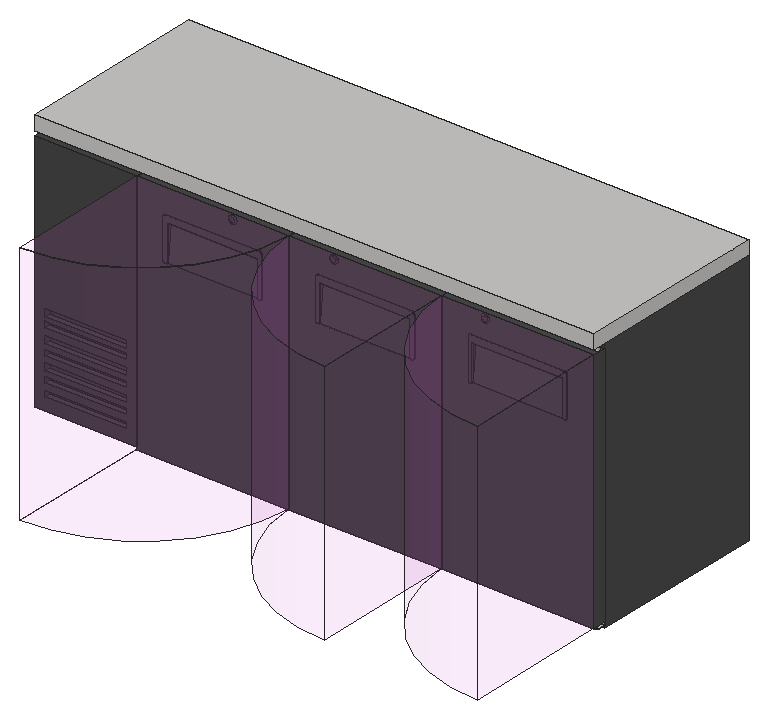
Revit family "QF_True_TBB24-72-3S-Z1-SFT-B-1_Solid_Swing_Door_Back_Bar", category Specialty Equipment, Revit 2021 (continued)
Definition of nested family "Family3"
  Definition of nested family "5 INCHES 01_CASTER 2"
    Reference planes (in)
      plane 2 "RIGHT": x = 0
      plane 3 "FRONT": y = 0
      plane 4 "TOP": z = 5
    Forms (in)
      Revolve 1, solid, visible <- "Show 5" Casters"
        sketch origin (-1.93794, 0.99859, -1.0041) x (1, 0, 0) y (0, 0, 1)
          loop
            line (0.74055, 3.0041) -> (0.74055, 2.9286) -> (0.79055, 2.8786) -> (0.85055, 2.8786) -> (0.85055, 2.75852) -> (1.235, 2.75852) -> (1.235, 2.56618) -> (1.37557, 2.48502) -> (1.49133, 1.76972) -> (1.34375, 1.76972) -> (1.34375, 1.53535) -> (1.375, 1.53535) -> (1.375, 1.0041) -> (2.48438, 1.0041) -> (2.48438, 1.53535) -> (2.51563, 1.53535) -> (2.51563, 1.76972) -> (2.36805, 1.76972) -> (2.48438, 2.48853) -> (2.62438, 2.56936) -> (2.62438, 2.75852) -> (3.04007, 2.75852) -> (3.04007, 2.8786) -> (3.10007, 2.8786) -> (3.15007, 2.9286) -> (3.15007, 3.0041) -> (0.74055, 3.0041)
          axis (0.74055, 3.0041) -> (3.15007, 3.0041)
        angle from 0 to 360
      Extrusion 2, solid, visible <- "Show 5" Casters"
        sketch origin (-1.93794, 1.96337, -0.7541) x (0, 1, 0) y (0, 0, 1)
          loop
            line (-3.37739, 5.33423) -> (-3.37739, 4.92712) -> (-2.49294, 4.92712)
            arc (-2.49294, 4.92712) -> (-1.47209, 4.91752) -> (-0.46376, 4.75787) r 6.92153
            arc (-0.46376, 4.75787) -> (0.14199, 4.53396) -> (0.67481, 4.16904) r 2.62713
            line (0.67481, 4.16904) -> (0.7876, 4.33012)
            arc (0.7876, 4.33012) -> (0.48098, 4.5674) -> (0.13288, 4.73811) r 1.91675
            line (0.13288, 4.73811) -> (0.21197, 4.87494)
            arc (0.21197, 4.87494) -> (-0.1576, 5.02102) -> (-0.54934, 5.08775) r 1.91675
            line (-0.54934, 5.08775) -> (-0.54934, 5.33423) -> (-3.37739, 5.33423)
        from 1.17357 to 2.70231
      Revolve 3, solid, visible <- "Show 5" Casters"
        sketch origin (0, 2.15543, -1.25) x (0, 1, 0) y (0, 0, 1)
          loop
            line (-2.21793, 6.25) -> (-2.21793, 5.83014) -> (-1.05793, 5.83014) -> (-1.05793, 6.25) -> (-2.21793, 6.25)
          axis (-2.21793, 5.83014) -> (-2.21793, 6.25)
        angle from 0 to 360
      Extrusion 4, solid, visible <- "Show 5" Casters"
        sketch origin (-1.98481, 1.96337, -0.7541) x (0, 1, 0) y (0, 0, 1)
          loop
            line (-3.37739, 5.33423) -> (-3.37739, 4.92712) -> (-3.13361, 4.92712)
            arc (-3.13361, 4.92712) -> (-2.12623, 3.92533) -> (-1.55834, 2.62307) r 3.79122
            arc (-1.55834, 2.62307) -> (-0.81477, 2.14247) -> (-0.31772, 2.87515) r 0.63314
            arc (-0.31772, 2.87515) -> (-0.02244, 3.67728) -> (0.68637, 4.15498) r 1.39003
            line (0.68637, 4.15498) -> (0.7876, 4.33012)
            arc (0.7876, 4.33012) -> (0.48098, 4.5674) -> (0.13288, 4.73811) r 1.91675
            line (0.13288, 4.73811) -> (0.21197, 4.87494)
            arc (0.21197, 4.87494) -> (-0.1576, 5.02102) -> (-0.54934, 5.08775) r 1.91675
            line (-0.54934, 5.08775) -> (-0.54934, 5.33423) -> (-3.37739, 5.33423)
        from 2.74918 to 2.90825
      Extrusion 5, solid, visible <- "Show 5" Casters"
        sketch origin (1.98481, 1.96337, -0.7541) x (0, 1, 0) y (0, 0, -1)
          loop
            line (-3.37739, -5.33423) -> (-0.54934, -5.33423) -> (-0.54934, -5.08775)
            arc (-0.54934, -5.08775) -> (-0.1576, -5.02102) -> (0.21197, -4.87494) r 1.91675
            line (0.21197, -4.87494) -> (0.13288, -4.73811)
            arc (0.13288, -4.73811) -> (0.48098, -4.5674) -> (0.7876, -4.33012) r 1.91675
            line (0.7876, -4.33012) -> (0.68637, -4.15498)
            arc (0.68637, -4.15498) -> (-0.02244, -3.67728) -> (-0.31772, -2.87515) r 1.39003
            arc (-0.31772, -2.87515) -> (-0.81477, -2.14247) -> (-1.55834, -2.62307) r 0.63314
            arc (-1.55834, -2.62307) -> (-2.12623, -3.92533) -> (-3.13361, -4.92712) r 3.79122
            line (-3.13361, -4.92712) -> (-3.37739, -4.92712) -> (-3.37739, -5.33423)
        from 2.74918 to 2.90825
      Extrusion 6, solid, visible <- "Key Locks"
        sketch origin (-0.96875, 2.04726, -0.57589) x (0, 1, 0) y (0, 0, -1)
          loop
            line (-2.58496, -2.03961) -> (-1.89213, -2.43961) -> (-1.53273, -2.64711)
            arc (-1.53273, -2.64711) -> (-1.45411, -2.76529) -> (-1.38688, -2.89031) r 1.51617
            arc (-1.38688, -2.89031) -> (-1.13602, -3.13035) -> (-0.79652, -3.20306) r 0.63657
            arc (-0.79652, -3.20306) -> (-0.67098, -3.20163) -> (-0.54633, -3.21661) r 0.9589
            line (-0.54633, -3.21661) -> (0.23309, -3.66661) -> (0.42979, -3.32592)
            arc (0.42979, -3.32592) -> (0.46473, -3.10362) -> (0.3415, -2.91533) r 0.313
            line (0.3415, -2.91533) -> (0.21087, -3.04595)
            arc (0.21087, -3.04595) -> (0.24081, -3.14321) -> (0.14284, -3.17074) r 0.07109
            line (0.14284, -3.17074) -> (-0.52795, -2.78336)
            arc (-0.52795, -2.78336) -> (-0.62217, -2.51108) -> (-0.36609, -2.37904) r 0.22
            arc (-0.36609, -2.37904) -> (-0.3435, -2.357) -> (-0.33862, -2.32583) r 0.05
            arc (-0.33862, -2.32583) -> (-0.50047, -2.10967) -> (-0.75504, -2.01961) r 0.46592
            line (-0.75504, -2.01961) -> (-1.49574, -2.01961)
            arc (-1.49574, -2.01961) -> (-1.57675, -2.00894) -> (-1.65224, -1.97767) r 0.313
            line (-1.65224, -1.97767) -> (-2.05389, -1.74578)
            arc (-2.05389, -1.74578) -> (-2.2914, -1.71451) -> (-2.48146, -1.86034) r 0.313
            line (-2.48146, -1.86034) -> (-2.58496, -2.03961)
        from 0 to 0.0625
      Extrusion 7, solid, visible <- "Key Locks"
        sketch origin (-0.96875, 2.04726, -0.57589) x (0, 1, 0) y (0, 0, -1)
          loop
            line (-0.45692, -2.6604) -> (0.47061, -3.19578)
            arc (0.47061, -3.19578) -> (0.44304, -3.03852) -> (0.3415, -2.91533) r 0.313
            line (0.3415, -2.91533) -> (-0.36656, -2.53415)
            arc (-0.36656, -2.53415) -> (-0.48136, -2.54745) -> (-0.45692, -2.6604) r 0.078
        from 0 to 0.5
      Extrusion 8, solid, visible <- "Key Locks"
        sketch origin (0.96875, 2.04726, -0.57589) x (0, 1, 0) y (0, 0, 1)
          loop
            line (-2.58496, 2.03961) -> (-2.48146, 1.86034)
            arc (-2.48146, 1.86034) -> (-2.2914, 1.71451) -> (-2.05389, 1.74578) r 0.313
            line (-2.05389, 1.74578) -> (-1.65224, 1.97767)
            arc (-1.65224, 1.97767) -> (-1.57675, 2.00894) -> (-1.49574, 2.01961) r 0.313
            line (-1.49574, 2.01961) -> (-0.75504, 2.01961)
            arc (-0.75504, 2.01961) -> (-0.50047, 2.10967) -> (-0.33862, 2.32583) r 0.46592
            arc (-0.33862, 2.32583) -> (-0.3435, 2.357) -> (-0.36609, 2.37904) r 0.05
            arc (-0.36609, 2.37904) -> (-0.62217, 2.51108) -> (-0.52795, 2.78336) r 0.22
            line (-0.52795, 2.78336) -> (0.14284, 3.17074)
            arc (0.14284, 3.17074) -> (0.24081, 3.14321) -> (0.21087, 3.04595) r 0.07109
            line (0.21087, 3.04595) -> (0.3415, 2.91533)
            arc (0.3415, 2.91533) -> (0.46473, 3.10362) -> (0.42979, 3.32592) r 0.313
            line (0.42979, 3.32592) -> (0.23309, 3.66661) -> (-0.54633, 3.21661)
            arc (-0.54633, 3.21661) -> (-0.67098, 3.20163) -> (-0.79652, 3.20306) r 0.9589
            arc (-0.79652, 3.20306) -> (-1.13602, 3.13035) -> (-1.38688, 2.89031) r 0.63657
            arc (-1.38688, 2.89031) -> (-1.45411, 2.76529) -> (-1.53273, 2.64711) r 1.51617
            line (-1.53273, 2.64711) -> (-1.89213, 2.43961) -> (-2.58496, 2.03961)
        from 0 to 0.0625
      Extrusion 9, solid, visible <- "Key Locks"
        sketch origin (0.96875, 2.04726, -0.57589) x (0, 1, 0) y (0, 0, 1)
          loop
            arc (-0.45692, 2.6604) -> (-0.48136, 2.54745) -> (-0.36656, 2.53415) r 0.078
            line (-0.36656, 2.53415) -> (0.3415, 2.91533)
            arc (0.3415, 2.91533) -> (0.44304, 3.03852) -> (0.47061, 3.19578) r 0.313
            line (0.47061, 3.19578) -> (-0.45692, 2.6604)
        from 0 to 0.5
    Cuts and joins
      joined: Extrusion 2, Extrusion 4, Extrusion 5
    Lines and regions (in)
      symbolic lines, visible <- "Show 5" Casters"
        curve 1: line (0.54262, 2.21348, 0) -> (1.50337, 1.65879, 0)
        curve 2: line (-1.45738, -1.25062, 0) -> (-0.70738, 0.04842, 0)
        curve 3: line (-0.49663, -1.80531, 0) -> (-1.45738, -1.25062, 0)
        curve 4: line (1.50337, 1.65879, 0) -> (0.75337, 0.35975, 0)
        curve 5: line (-0.20738, 0.91444, 0) -> (0.54262, 2.21348, 0)
        curve 6: line (0.25337, -0.50627, 0) -> (-0.49663, -1.80531, 0)
    Dimensions and locks (in)
      plane 4 "TOP" to level = 5"  (x2)
      aligned and locked: level to plane 1
  Definition of nested family "6 INCHES LEGS"
    Parameters (values of type "6 INCHES LEGS")
      Weight = ""
      URL Manufacturer = ""
      URL Cutsheet = ""
      URL = ""
      Type Mark [instance] = ""
      Status [instance] = ""
      Specification by User [instance] = ""
      Specification by Manufacturer = ""
      Show 6" Legs [instance] = yes
      Show Seismic Flanged [instance] = yes
      Serial Number = ""
      Seismic Rating = ""
      SMACNA No = ""
      Revision Code [instance] = ""
      Omniclass Number and Title = ""
      NAFEM Spec ID Number = ""
      Model = ""
      MasterSpec. = ""
      Manufacturer = ""
      Item Number [instance] = ""
      Installed By [instance] = ""
      Identify Quantity as Lot [instance] = yes
      Furnished By [instance] = ""
      Foodservice Equipment Identifier [instance] = yes
      Description = ""
      Default Elevation = 0"
      CSI MasterFormat = ""
      CSI Master Format = ""
      Assembly Code = ""
    Reference planes (in)
      plane 1: z = 0
      plane 2 "RIGHT": x = 0
      plane 3 "FRONT": y = 0
      plane 4 "TOP": z = 6
    Forms (in)
      Revolve 1, solid, visible <- "Show 6" Legs"
        sketch origin (11.12172, 0, 0) x (-1, 0, 0) y (0, 0, -1)
          loop
            line (11.12172, -6) -> (11.12172, 0) -> (10.62172, 0) -> (10.62172, -1.30261) -> (10.37172, -1.30261) -> (10.37172, -6) -> (11.12172, -6)
          axis (11.12172, 0) -> (11.12172, -6)
        angle from 0 to 360
      Extrusion 2, solid, visible <- "Show Seismic Flanged"
        sketch origin (0, 0, 0) x (1, 0, 0) y (0, 1, 0)
          loop
            circle (0, 0) r 1
        from 0 to 0.03125
    Dimensions and locks (in)
      plane 4 "TOP" to level = 6"  (x2)
      locked: Revolve 1 sketch curve to Revolve 1 sketch curve at 1.30261
      locked: Revolve 1 sketch curve to Revolve 1 sketch curve at 0.75
      aligned and locked: level to plane 1
  Definition of nested family "6 INCHES LEGS WITH FLANGED"
    Parameters (values of type "6 INCHES LEGS WITH FLANGED")
      Weight = ""
      URL Manufacturer = ""
      URL Cutsheet = ""
      URL = ""
      Type Mark [instance] = ""
      Status [instance] = ""
      Specification by User [instance] = ""
      Specification by Manufacturer = ""
      Show 6" Seismic Flanged [instance] = yes
      Serial Number = ""
      Seismic Rating = ""
      SMACNA No = ""
      Revision Code [instance] = ""
      Omniclass Number and Title = ""
      NAFEM Spec ID Number = ""
      Model = ""
      MasterSpec. = ""
      Manufacturer = ""
      Item Number [instance] = ""
      Installed By [instance] = ""
      Identify Quantity as Lot [instance] = yes
      Furnished By [instance] = ""
      Foodservice Equipment Identifier [instance] = yes
      Description = ""
      Default Elevation = 0"
      CSI MasterFormat = ""
      CSI Master Format = ""
      Assembly Code = ""
    Reference planes (in)
      plane 1: z = 0
      plane 2 "RIGHT": x = 0
      plane 3 "FRONT": y = 0
      plane 4 "TOP": z = 6
    Forms (in)
      Revolve 1, solid, visible <- "Show 6" Seismic Flanged"
        sketch origin (11.12172, 0, 0) x (-1, 0, 0) y (0, 0, -1)
          loop
            line (11.12172, -6) -> (11.12172, 0) -> (10.62172, 0) -> (10.62172, -1.30261) -> (10.37172, -1.30261) -> (10.37172, -6) -> (11.12172, -6)
          axis (11.12172, 0) -> (11.12172, -6)
        angle from 0 to 360
      Extrusion 2, solid, visible <- "Show 6" Seismic Flanged"
        sketch origin (0, 0, 0) x (1, 0, 0) y (0, 1, 0)
          loop
            circle (0, 0) r 1
        from 0 to 0.03125
    Dimensions and locks (in)
      plane 4 "TOP" to level = 6"  (x2)
      locked: Revolve 1 sketch curve to Revolve 1 sketch curve at 1.30261
      locked: Revolve 1 sketch curve to Revolve 1 sketch curve at 0.75
      aligned and locked: level to plane 1
